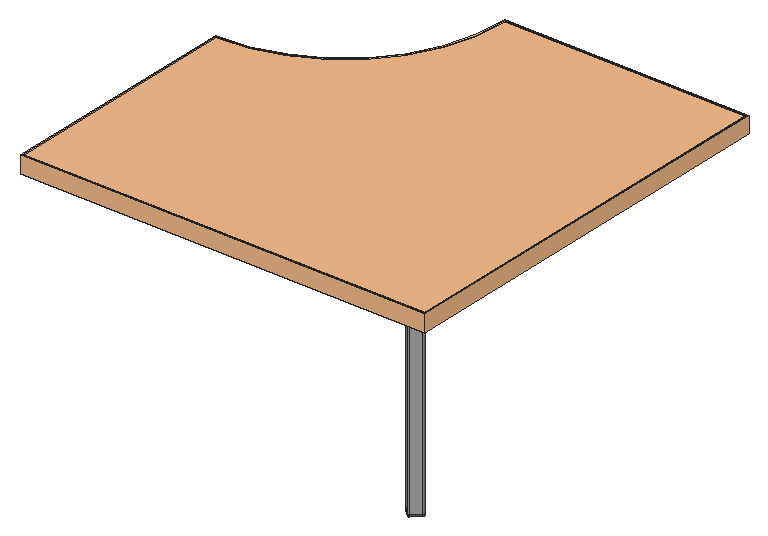
Revit family "Seating_Inc-Corner_Connecting_Table-Cobra-1", category Furniture, Revit 2014
Parameters (values of type "CCT06-16S")
  Width = 30"
  URL = "www.seatinginc.com"
  Type Comments = "Cobra Tables"  # constant formula
  Top Square = yes
  Top Radius = no
  Top Fenish = STI - Wood
  Support Finish = STI - Power Coat, Silver
  Salvage or Reuse = yes
  Percentage of Recycled Content = 0
  Model = "CCT06-16S"
  Manufacturer = "Seating Inc"  # constant formula
  Low Emitting Material = yes
  Low Emitting Finish = yes
  Leg Finish = STI - Power Coat, Silver
  Keynote = "12500"
  Height = 16"
  Glide Finish = STI - Plastic Black
  Edge Square = yes
  Edge Radius = no
  Edge Finish = STI - Wood
  Description = "Corner Square Connecting Table\r\nwith (1) Silver 16\" Height Leg\r\nand (4) Attachment Brackets"
  Depth = 30"
  Assembly Code = "E2020200"
Types (4): name | Top Square | Top Radius | Support Finish | Model | Leg Finish | Edge Square | Edge Radius | Description
  CCT05-16B | no | yes | STI - Power Coat, Black | "CCT05-16B" | STI - Power Coat, Black | no | yes | "Corner Radius Connecting Table\r\nwith (1) Black 16\" Height Leg\r\nand (4) Attachment Brackets"
  CCT05-16S | no | yes | STI - Power Coat, Silver | "CCT05-16S" | STI - Power Coat, Silver | no | yes | "Corner Radius Connecting Table\r\nwith (1) Silver 16\" Height Leg\r\nand (4) Attachment Brackets"
  CCT06-16B | yes | no | STI - Power Coat, Black | "CCT06-16B" | STI - Power Coat, Black | yes | no | "Corner Square Connecting Table\r\nwith (1) Black 16\" Height Leg\r\nand (4) Attachment Brackets"
  CCT06-16S | yes | no | STI - Power Coat, Silver | "CCT06-16S" | STI - Power Coat, Silver | yes | no | "Corner Square Connecting Table\r\nwith (1) Silver 16\" Height Leg\r\nand (4) Attachment Brackets"
Reference planes (in)
  plane 1 "Center Front/Back": y = 0
  plane 2: z = 0
  plane 3 "Center Left/Right": x = 0
  plane 4: x = 30.11861
  plane 5: y = -30.11861
Forms (in)
  Extrusion 1, solid, material "STI - Power Coat, Silver" <- "Support Finish"
    sketch origin (18.49332, -18.49332, 14.649) x (0, -1, 0) y (1, 0, 0)
      loop
        line (8.55356, 9.11606) -> (4.73086, 9.11606)
        arc (4.73086, 9.11606) -> (4.21117, 8.76882) -> (4.33311, 8.15581) r 0.5625
        line (4.33311, 8.15581) -> (8.15581, 4.33311)
        arc (8.15581, 4.33311) -> (8.76882, 4.21117) -> (9.11606, 4.73086) r 0.5625
        line (9.11606, 4.73086) -> (9.11606, 8.55356)
        arc (9.11606, 8.55356) -> (8.95131, 8.95131) -> (8.55356, 9.11606) r 0.5625
    from 0 to 0.10156
  Extrusion 2, solid, material "STI - Power Coat, Silver" <- "Leg Finish"
    sketch origin (29.27425, -15.85487, 0.149) x (-0.707107, -0.707107, 0) y (0.707107, -0.707107, 0)
      loop
        arc (9.11003, 6.28915) -> (9.0244, 6.25369) -> (8.98894, 6.16806) r 0.12109
        line (8.98894, 6.16806) -> (8.98894, 5.41025)
        arc (8.98894, 5.41025) -> (9.0244, 5.32462) -> (9.11003, 5.28915) r 0.12109
        line (9.11003, 5.28915) -> (9.86784, 5.28915)
        arc (9.86784, 5.28915) -> (9.95347, 5.32462) -> (9.98894, 5.41025) r 0.12109
        line (9.98894, 5.41025) -> (9.98894, 6.16806)
        arc (9.98894, 6.16806) -> (9.95347, 6.25369) -> (9.86784, 6.28915) r 0.12109
        line (9.86784, 6.28915) -> (9.11003, 6.28915)
    from 0 to 14.5
  Extrusion 3, solid, material "STI - Plastic Black" <- "Glide Finish"
    sketch origin (29.27425, -15.85487, 0) x (-0.707107, -0.707107, 0) y (0.707107, -0.707107, 0)
      loop
        arc (9.11003, 6.28915) -> (9.0244, 6.25369) -> (8.98894, 6.16806) r 0.12109
        line (8.98894, 6.16806) -> (8.98894, 5.41025)
        arc (8.98894, 5.41025) -> (9.0244, 5.32462) -> (9.11003, 5.28915) r 0.12109
        line (9.11003, 5.28915) -> (9.86784, 5.28915)
        arc (9.86784, 5.28915) -> (9.95347, 5.32462) -> (9.98894, 5.41025) r 0.12109
        line (9.98894, 5.41025) -> (9.98894, 6.16806)
        arc (9.98894, 6.16806) -> (9.95347, 6.25369) -> (9.86784, 6.28915) r 0.12109
        line (9.86784, 6.28915) -> (9.11003, 6.28915)
    from 0 to 0.149
Lines and regions (in)
  symbolic lines, style "FurnitureHiddenLines"
    curve 1: line (26.74373, -27.27959, 0) -> (27.27959, -26.74373, 0)
    curve 2: arc (27.27959, -26.74373, 0) -> (27.31506, -26.65811, 0) -> (27.27959, -26.57248, 0) r 0.12109
    curve 3: arc (26.57248, -27.27959, 0) -> (26.65811, -27.31506, 0) -> (26.74373, -27.27959, 0) r 0.12109
    curve 4: line (27.27959, -26.57248, 0) -> (26.74373, -26.03663, 0)
    curve 5: line (26.03663, -26.74373, 0) -> (26.57248, -27.27959, 0)
    curve 6: arc (26.03663, -26.57248, 0) -> (26.00116, -26.65811, 0) -> (26.03663, -26.74373, 0) r 0.12109
    curve 7: line (26.57248, -26.03663, 0) -> (26.03663, -26.57248, 0)
    curve 8: arc (26.74373, -26.03663, 0) -> (26.65811, -26.00116, 0) -> (26.57248, -26.03663, 0) r 0.12109
Dimensions and locks (in)
  plane 3 "Center Left/Right" to plane 4 = 30.11861"
  plane 5 to plane 1 "Center Front/Back" = 30.11861"
  aligned and locked: level to plane 2
  aligned and locked: curve 1 to Extrusion 2
  aligned and locked: curve 2 to Extrusion 2
  aligned and locked: curve 3 to Extrusion 2
  aligned and locked: curve 4 to Extrusion 2
  aligned and locked: curve 5 to Extrusion 2
  aligned and locked: curve 6 to Extrusion 2
  aligned and locked: curve 7 to Extrusion 2
  aligned and locked: curve 8 to Extrusion 2
Nested families (in)
  nested 1: "Tops" at (0, 0, -1.25), Top Finish <- "Top Fenish", Edge Finish <- "Edge Finish", Top Square <- "Top Square", Top Radius <- "Top Radius", Edge Square <- "Edge Square", Edge Radius <- "Edge Radius", type "Tops"
    with Top Square yes, Top Radius no, Top Finish STI - Wood, Edge Square yes, Edge Radius no, Edge Finish STI - Wood
Definition of nested family "Tops"
  Parameters (values of type "Tops")
    Top Square [instance] = yes
    Top Radius [instance] = yes
    Top Finish [instance] = none
    Edge Square [instance] = yes
    Edge Radius [instance] = yes
    Edge Finish [instance] = none
  Reference planes (in)
    plane 1 "Center Front/Back": y = 0
    plane 2: z = 0
    plane 3 "Center Left/Right": x = 0
    plane 4: z = 16
  Forms (in)
    Extrusion 1, solid, material <- "Top Finish", visible <- "Top Square"
      sketch origin (0, 0, 16) x (1, 0, 0) y (0, 1, 0)
        loop
          line (30, 0) -> (12, 0)
          arc (12, 0) -> (8.47844, -8.47844) -> (0, -12) r 12.02344
          line (0, -12) -> (0, -30) -> (30, -30) -> (30, 0)
      from 0 to 1.25
    Extrusion 2, solid, material <- "Edge Finish", visible <- "Edge Square"
      sketch origin (0, 0, 0) x (1, 0, 0) y (0, 1, 0)
        loop
          line (30, 0) -> (12, 0)
          arc (12, 0) -> (8.47844, -8.47844) -> (0, -12) r 12.02344
          line (0, -12) -> (0, -30) -> (30, -30) -> (30, 0)
        loop
          arc (11.89034, 0.10937) -> (8.4011, -8.4011) -> (-0.10937, -11.89034) r 11.91406
          line (-0.10937, -11.89034) -> (-0.10937, -30.10937) -> (30.10938, -30.10938) -> (30.10938, 0.10937) -> (11.89034, 0.10937)
      from 16 to 17.25
    Extrusion 3, solid, material <- "Top Finish", visible <- "Top Radius"
      sketch origin (-40.10937, 0, 0) x (1, 0, 0) y (0, 1, 0)
        loop
          arc (52.10938, 0) -> (48.58781, -8.47844) -> (40.10938, -12) r 12.02344
          line (40.10938, -12) -> (40.10937, -28.75)
          arc (40.10937, -28.75) -> (51.62619, -29.80869) -> (63.18983, -30.00926) r 155.64333
          arc (63.18983, -30.00926) -> (68.04918, -27.9398) -> (70.11864, -23.08045) r 7.07031
          arc (70.11864, -23.08045) -> (69.91806, -11.51682) -> (68.85938, 0) r 155.64333
          line (68.85938, 0) -> (52.10938, 0)
      from 16 to 17.25
    Extrusion 4, solid, material <- "Edge Finish", visible <- "Edge Radius"
      sketch origin (-40.10937, 0, 0) x (1, 0, 0) y (0, 1, 0)
        loop
          line (68.85938, 0) -> (52.10938, 0)
          arc (52.10938, 0) -> (48.58781, -8.47844) -> (40.10938, -12) r 12.02344
          line (40.10938, -12) -> (40.10938, -28.75)
          arc (40.10938, -28.75) -> (51.62619, -29.80869) -> (63.18983, -30.00926) r 155.64333
          arc (63.18983, -30.00926) -> (68.04918, -27.9398) -> (70.11864, -23.08045) r 7.07031
          arc (70.11864, -23.08045) -> (69.91806, -11.51682) -> (68.85938, 0) r 155.64333
        loop
          arc (51.99971, 0.10937) -> (48.51047, -8.4011) -> (40, -11.89034) r 11.91406
          line (40, -11.89034) -> (40, -28.84609)
          arc (40, -28.84609) -> (51.57224, -29.91527) -> (63.19199, -30.11861) r 155.7527
          arc (63.19199, -30.11861) -> (68.12652, -28.01714) -> (70.22799, -23.08262) r 7.17969
          arc (70.22799, -23.08262) -> (70.02465, -11.46287) -> (68.95546, 0.10938) r 155.7527
          line (68.95546, 0.10938) -> (51.99971, 0.10937)
      from 16 to 17.25
  Lines and regions (in)
    symbolic lines, visible <- "Edge Square"
      curve 1: line (30.10938, 0.10937, 0) -> (11.89034, 0.10937, 0)
      curve 3: line (-0.10937, -11.89034, 0) -> (-0.10937, -30.10937, 0)
      curve 4: line (-0.10937, -30.10937, 0) -> (30.10938, -30.10938, 0)
      curve 5: line (30.10938, -30.10938, 0) -> (30.10938, 0.10937, 0)
    symbolic lines
      curve 2: arc (11.89034, 0.10937, 0) -> (8.4011, -8.4011, 0) -> (-0.10937, -11.89034, 0) r 11.91406
    symbolic lines, visible <- "Edge Radius"
      curve 6: arc (11.89034, 0.10938, 0) -> (8.4011, -8.4011, 0) -> (-0.10937, -11.89034, 0) r 11.91406
      curve 7: line (-0.10937, -11.89034, 0) -> (-0.10937, -28.84609, 0)
      curve 8: line (28.84609, 0.10938, 0) -> (11.89034, 0.10938, 0)
      curve 9: arc (30.11861, -23.08262, 0) -> (29.91527, -11.46287, 0) -> (28.84609, 0.10938, 0) r 155.7527
      curve 10: arc (23.08262, -30.11861, 0) -> (28.01714, -28.01714, 0) -> (30.11861, -23.08262, 0) r 7.17969
      curve 11: arc (-0.10937, -28.84609, 0) -> (11.46287, -29.91527, 0) -> (23.08262, -30.11861, 0) r 155.7527
  Dimensions and locks (in)
    aligned and locked: level to plane 2
    aligned and locked: Extrusion 2 sketch curve to Extrusion 1  (x5)
    aligned and locked: curve 6 to Extrusion 4
    aligned and locked: curve 7 to Extrusion 4
    aligned and locked: curve 8 to Extrusion 4
    aligned and locked: curve 9 to Extrusion 4
    aligned and locked: curve 10 to Extrusion 4
    aligned and locked: curve 11 to Extrusion 4
